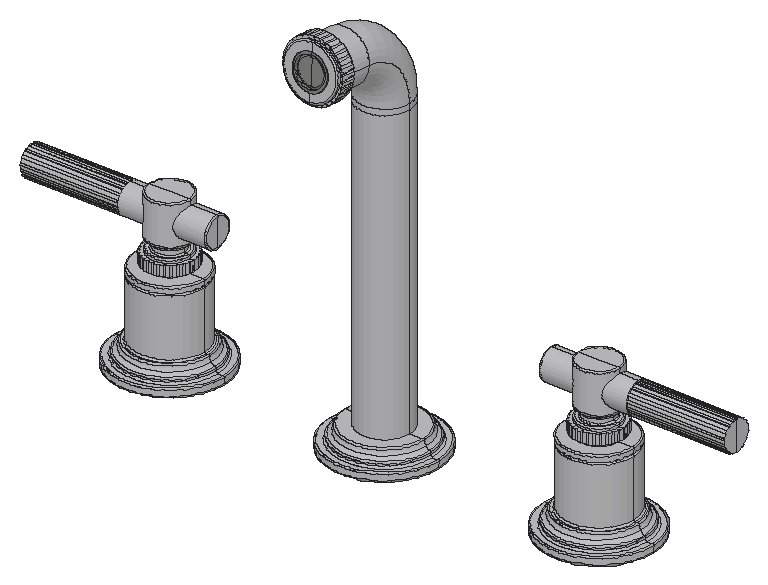
Revit family "Faucet-Wall_Mount-Lavatory-KALLISTA-Central_Park_West-P21223_1", category Plumbing Fixtures, host Face, Revit 2021 (continued)
Definition of nested family "P21223_Spout"
  Lines and regions (in)
    symbolic lines, detail levels medium+fine
      curve 80: spline (-0.38013, -1.62794, 0) -> (-0.37754, -1.62829, 0) -> (-0.37601, -1.62868, 0) -> (-0.37563, -1.6291, 0) -> (-0.37642, -1.62951, 0) -> (-0.37834, -1.62989, 0) -> (-0.38126, -1.63021, 0) -> (-0.38502, -1.63047, 0) -> (-0.38938, -1.63064, 0) -> (-0.39408, -1.63071, 0) -> (-0.39883, -1.63067, 0) -> (-0.40334, -1.63054, 0) -> (-0.40733, -1.63031, 0)
      curve 81: spline (-0.38013, -1.62794, 0) -> (-0.37587, -1.6276, 0) -> (-0.37156, -1.62726, 0) -> (-0.36722, -1.62693, 0) -> (-0.36284, -1.62659, 0) -> (-0.35842, -1.62627, 0) -> (-0.35396, -1.62594, 0) -> (-0.34946, -1.62562, 0) -> (-0.34492, -1.62531, 0) -> (-0.34035, -1.625, 0) -> (-0.33574, -1.62469, 0) -> (-0.33109, -1.62439, 0) -> (-0.32641, -1.62409, 0)
      curve 82: spline (-0.29389, -1.62219, 0) -> (-0.29271, -1.62257, 0) -> (-0.29255, -1.62296, 0) -> (-0.2934, -1.62335, 0) -> (-0.29522, -1.62371, 0) -> (-0.29793, -1.62403, 0) -> (-0.30137, -1.62428, 0) -> (-0.30538, -1.62446, 0) -> (-0.30976, -1.62456, 0) -> (-0.31428, -1.62457, 0) -> (-0.3187, -1.62449, 0) -> (-0.32282, -1.62433, 0) -> (-0.32641, -1.62409, 0)
      curve 83: spline (-0.29389, -1.62219, 0) -> (-0.28882, -1.62192, 0) -> (-0.28372, -1.62165, 0) -> (-0.27858, -1.62139, 0) -> (-0.27341, -1.62113, 0) -> (-0.26822, -1.62088, 0) -> (-0.26299, -1.62064, 0) -> (-0.25773, -1.62039, 0) -> (-0.25244, -1.62016, 0) -> (-0.24713, -1.61992, 0) -> (-0.24178, -1.6197, 0) -> (-0.23641, -1.61947, 0) -> (-0.23101, -1.61926, 0)
      curve 84: spline (-0.19673, -1.61801, 0) -> (-0.19591, -1.61841, 0) -> (-0.19621, -1.6188, 0) -> (-0.19763, -1.61919, 0) -> (-0.20006, -1.61952, 0) -> (-0.20337, -1.6198, 0) -> (-0.20736, -1.62, 0) -> (-0.21178, -1.62011, 0) -> (-0.21636, -1.62011, 0) -> (-0.22084, -1.62003, 0) -> (-0.22493, -1.61985, 0) -> (-0.22839, -1.61958, 0) -> (-0.23101, -1.61926, 0)
      curve 85: spline (-0.19673, -1.61801, 0) -> (-0.19108, -1.61783, 0) -> (-0.18542, -1.61765, 0) -> (-0.17973, -1.61748, 0) -> (-0.17402, -1.61731, 0) -> (-0.16829, -1.61715, 0) -> (-0.16254, -1.617, 0) -> (-0.15677, -1.61685, 0) -> (-0.15099, -1.6167, 0) -> (-0.14519, -1.61656, 0) -> (-0.13936, -1.61643, 0) -> (-0.13353, -1.6163, 0) -> (-0.12768, -1.61618, 0)
      curve 86: spline (-0.09181, -1.61555, 0) -> (-0.08589, -1.61547, 0) -> (-0.07996, -1.61539, 0) -> (-0.07402, -1.61532, 0) -> (-0.06807, -1.61525, 0) -> (-0.06211, -1.61519, 0) -> (-0.05615, -1.61513, 0) -> (-0.05018, -1.61508, 0) -> (-0.0442, -1.61504, 0) -> (-0.03822, -1.615, 0) -> (-0.03224, -1.61497, 0) -> (-0.02625, -1.61494, 0) -> (-0.02025, -1.61492, 0)
      curve 87: spline (0, -1.61935, 0) -> (0.0665, -1.61973, 0) -> (0.13184, -1.62087, 0) -> (0.1949, -1.62275, 0) -> (0.25457, -1.62534, 0) -> (0.30983, -1.62858, 0) -> (0.35971, -1.63244, 0) -> (0.40336, -1.63683, 0) -> (0.44, -1.64168, 0) -> (0.46901, -1.64691, 0) -> (0.48988, -1.65242, 0) -> (0.50225, -1.65813, 0) -> (0.50591, -1.66393, 0)
      curve 88: spline (0, -1.75167, 0) -> (-0.0857, -1.75051, 0) -> (-0.1634, -1.74716, 0) -> (-0.22586, -1.74191, 0) -> (-0.26725, -1.73527, 0) -> (-0.28371, -1.72785, 0) -> (-0.27369, -1.72035, 0) -> (-0.23814, -1.71345, 0) -> (-0.18037, -1.70781, 0) -> (-0.10578, -1.70396, 0) -> (-0.02132, -1.70225, 0) -> (0.06514, -1.70284, 0) -> (0.14551, -1.70568, 0)
      curve 89: spline (0.14551, -1.70568, 0) -> (0.19458, -1.7089, 0) -> (0.23452, -1.71298, 0) -> (0.26346, -1.7177, 0) -> (0.28006, -1.72286, 0) -> (0.28352, -1.72821, 0) -> (0.27369, -1.7335, 0) -> (0.25103, -1.73848, 0) -> (0.2166, -1.74292, 0) -> (0.17201, -1.74661, 0) -> (0.11936, -1.74937, 0) -> (0.06111, -1.75109, 0) -> (0, -1.75167, 0)
      curve 90: arc (-0.21944, -1.71122, 0) -> (-0.00007, -1.72239, 0) -> (0.21929, -1.71121, 0) r 2.15895
      curve 91: spline (-0.09181, -1.61555, 0) -> (-0.09146, -1.61597, 0) -> (-0.09236, -1.61638, 0) -> (-0.09446, -1.61675, 0) -> (-0.0976, -1.61707, 0) -> (-0.10158, -1.6173, 0) -> (-0.10612, -1.61744, 0) -> (-0.1109, -1.61746, 0) -> (-0.1156, -1.61738, 0) -> (-0.1199, -1.6172, 0) -> (-0.1235, -1.61692, 0) -> (-0.12615, -1.61657, 0) -> (-0.12768, -1.61618, 0)
      curve 92: line (-0.52146, -1.64634, 0) -> (-0.52146, -1.39269, 0)
      curve 93: line (-0.50591, -1.68329, 0) -> (-0.50591, -1.66296, 0)
      curve 94: spline (-0.50591, -1.66296, 0) -> (-0.50092, -1.65725, 0) -> (-0.48748, -1.65164, 0) -> (-0.46581, -1.64623, 0) -> (-0.43629, -1.64112, 0) -> (-0.3994, -1.63638, 0) -> (-0.35578, -1.63209, 0) -> (-0.30615, -1.62834, 0) -> (-0.25136, -1.62518, 0) -> (-0.19233, -1.62266, 0) -> (-0.13005, -1.62083, 0) -> (-0.06558, -1.61972, 0) -> (0, -1.61935, 0)
      curve 95: line (0.50591, -1.68329, 0) -> (0.50591, -1.66393, 0)
      curve 96: spline (0, -1.75587, 0) -> (-0.08596, -1.75488, 0) -> (-0.16605, -1.75199, 0) -> (-0.23484, -1.74739, 0) -> (-0.28762, -1.7414, 0) -> (-0.32079, -1.73441, 0) -> (-0.33211, -1.72692, 0) -> (-0.32079, -1.71943, 0) -> (-0.28762, -1.71245, 0) -> (-0.23484, -1.70646, 0) -> (-0.16605, -1.70186, 0) -> (-0.08596, -1.69896, 0) -> (0, -1.69798, 0)
      curve 97: spline (0, -1.75535, 0) -> (0.08441, -1.75438, 0) -> (0.16307, -1.75154, 0) -> (0.23061, -1.74702, 0) -> (0.28244, -1.74114, 0) -> (0.31502, -1.73428, 0) -> (0.32613, -1.72692, 0) -> (0.31502, -1.71957, 0) -> (0.28244, -1.71271, 0) -> (0.23061, -1.70682, 0) -> (0.16307, -1.70231, 0) -> (0.08441, -1.69947, 0) -> (0, -1.6985, 0)
      curve 98: spline (0.50653, -1.38957, 0) -> (0.50411, -1.38911, 0) -> (0.50163, -1.38866, 0) -> (0.49909, -1.38821, 0) -> (0.49651, -1.38776, 0) -> (0.49387, -1.38732, 0) -> (0.49117, -1.38687, 0) -> (0.48843, -1.38643, 0) -> (0.48563, -1.38599, 0) -> (0.48278, -1.38556, 0) -> (0.47988, -1.38512, 0) -> (0.47693, -1.38469, 0) -> (0.47393, -1.38426, 0)
      curve 99: spline (0.47393, -1.38426, 0) -> (0.46944, -1.38438, 0) -> (0.46478, -1.3844, 0) -> (0.46019, -1.38433, 0) -> (0.4559, -1.38417, 0) -> (0.45214, -1.38392, 0) -> (0.44912, -1.38361, 0) -> (0.44698, -1.38325, 0) -> (0.44585, -1.38286, 0) -> (0.44579, -1.38245, 0) -> (0.44679, -1.38205, 0) -> (0.4488, -1.38169, 0) -> (0.45173, -1.38137, 0)
      curve 100: spline (0.45173, -1.38137, 0) -> (0.44829, -1.38096, 0) -> (0.4448, -1.38055, 0) -> (0.44127, -1.38015, 0) -> (0.43769, -1.37975, 0) -> (0.43406, -1.37935, 0) -> (0.43038, -1.37896, 0) -> (0.42665, -1.37856, 0) -> (0.42288, -1.37818, 0) -> (0.41906, -1.37779, 0) -> (0.4152, -1.37741, 0) -> (0.41129, -1.37704, 0) -> (0.40733, -1.37666, 0)
      curve 101: spline (0.40733, -1.37666, 0) -> (0.40334, -1.37689, 0) -> (0.39883, -1.37702, 0) -> (0.39408, -1.37706, 0) -> (0.38938, -1.37699, 0) -> (0.38502, -1.37682, 0) -> (0.38126, -1.37656, 0) -> (0.37834, -1.37624, 0) -> (0.37642, -1.37586, 0) -> (0.37563, -1.37545, 0) -> (0.37601, -1.37503, 0) -> (0.37754, -1.37464, 0) -> (0.38013, -1.37429, 0)
      curve 102: spline (0.38013, -1.37429, 0) -> (0.37587, -1.37395, 0) -> (0.37156, -1.37361, 0) -> (0.36722, -1.37327, 0) -> (0.36284, -1.37294, 0) -> (0.35842, -1.37262, 0) -> (0.35396, -1.37229, 0) -> (0.34946, -1.37197, 0) -> (0.34492, -1.37166, 0) -> (0.34035, -1.37135, 0) -> (0.33574, -1.37104, 0) -> (0.33109, -1.37074, 0) -> (0.32641, -1.37044, 0)
      curve 103: spline (0.32641, -1.37044, 0) -> (0.32282, -1.37068, 0) -> (0.3187, -1.37084, 0) -> (0.31428, -1.37092, 0) -> (0.30976, -1.37091, 0) -> (0.30538, -1.37081, 0) -> (0.30137, -1.37063, 0) -> (0.29793, -1.37038, 0) -> (0.29522, -1.37006, 0) -> (0.2934, -1.3697, 0) -> (0.29255, -1.36931, 0) -> (0.29271, -1.36892, 0) -> (0.29389, -1.36854, 0)
      curve 104: spline (0.29389, -1.36854, 0) -> (0.28882, -1.36827, 0) -> (0.28372, -1.368, 0) -> (0.27858, -1.36774, 0) -> (0.27341, -1.36748, 0) -> (0.26822, -1.36723, 0) -> (0.26299, -1.36698, 0) -> (0.25773, -1.36674, 0) -> (0.25244, -1.3665, 0) -> (0.24713, -1.36627, 0) -> (0.24178, -1.36604, 0) -> (0.23641, -1.36582, 0) -> (0.23101, -1.3656, 0)
      curve 105: spline (0.23101, -1.3656, 0) -> (0.22839, -1.36593, 0) -> (0.22493, -1.3662, 0) -> (0.22084, -1.36638, 0) -> (0.21636, -1.36646, 0) -> (0.21178, -1.36645, 0) -> (0.20736, -1.36635, 0) -> (0.20337, -1.36615, 0) -> (0.20006, -1.36587, 0) -> (0.19763, -1.36553, 0) -> (0.19621, -1.36515, 0) -> (0.19591, -1.36476, 0) -> (0.19673, -1.36436, 0)
      curve 106: spline (0.19673, -1.36436, 0) -> (0.19108, -1.36418, 0) -> (0.18542, -1.364, 0) -> (0.17973, -1.36383, 0) -> (0.17402, -1.36366, 0) -> (0.16829, -1.3635, 0) -> (0.16254, -1.36335, 0) -> (0.15677, -1.3632, 0) -> (0.15099, -1.36305, 0) -> (0.14519, -1.36291, 0) -> (0.13936, -1.36278, 0) -> (0.13353, -1.36265, 0) -> (0.12768, -1.36253, 0)
      curve 107: spline (0.12768, -1.36253, 0) -> (0.12615, -1.36292, 0) -> (0.1235, -1.36327, 0) -> (0.1199, -1.36355, 0) -> (0.1156, -1.36373, 0) -> (0.1109, -1.36381, 0) -> (0.10612, -1.36379, 0) -> (0.10158, -1.36365, 0) -> (0.0976, -1.36342, 0) -> (0.09446, -1.3631, 0) -> (0.09236, -1.36273, 0) -> (0.09146, -1.36231, 0) -> (0.09181, -1.3619, 0)
      curve 108: spline (0.09181, -1.3619, 0) -> (0.08589, -1.36181, 0) -> (0.07996, -1.36174, 0) -> (0.07402, -1.36166, 0) -> (0.06807, -1.3616, 0) -> (0.06211, -1.36154, 0) -> (0.05615, -1.36148, 0) -> (0.05018, -1.36143, 0) -> (0.0442, -1.36139, 0) -> (0.03822, -1.36135, 0) -> (0.03224, -1.36132, 0) -> (0.02625, -1.36129, 0) -> (0.02025, -1.36127, 0)
      curve 109: line (0.40733, -1.63031, 0) -> (0.40733, -1.37666, 0)
      curve 110: line (0.32641, -1.62409, 0) -> (0.32641, -1.37044, 0)
      curve 111: line (0.23101, -1.61926, 0) -> (0.23101, -1.3656, 0)
      curve 112: line (0.12768, -1.61618, 0) -> (0.12768, -1.36253, 0)
      curve 113: line (0.09181, -1.3619, 0) -> (0.09181, -1.61555, 0)
      curve 114: line (0.02025, -1.61492, 0) -> (0.02025, -1.36127, 0)
      curve 115: line (0.19673, -1.36436, 0) -> (0.19673, -1.61801, 0)
      curve 116: line (0.29389, -1.36854, 0) -> (0.29389, -1.62219, 0)
      curve 117: line (0.38013, -1.37429, 0) -> (0.38013, -1.62794, 0)
      curve 118: line (0.45173, -1.38137, 0) -> (0.45173, -1.63502, 0)
      curve 119: line (0.50653, -1.38957, 0) -> (0.50653, -1.64322, 0)
      curve 120: spline (0.50653, -1.64322, 0) -> (0.50411, -1.64277, 0) -> (0.50163, -1.64231, 0) -> (0.49909, -1.64186, 0) -> (0.49651, -1.64141, 0) -> (0.49387, -1.64097, 0) -> (0.49117, -1.64052, 0) -> (0.48843, -1.64008, 0) -> (0.48563, -1.63964, 0) -> (0.48278, -1.63921, 0) -> (0.47988, -1.63877, 0) -> (0.47693, -1.63834, 0) -> (0.47393, -1.63791, 0)
      curve 121: spline (0.45173, -1.63502, 0) -> (0.4488, -1.63534, 0) -> (0.44679, -1.6357, 0) -> (0.44579, -1.6361, 0) -> (0.44585, -1.63651, 0) -> (0.44698, -1.6369, 0) -> (0.44912, -1.63727, 0) -> (0.45214, -1.63758, 0) -> (0.4559, -1.63782, 0) -> (0.46019, -1.63798, 0) -> (0.46478, -1.63805, 0) -> (0.46944, -1.63803, 0) -> (0.47393, -1.63791, 0)
      curve 122: spline (0.45173, -1.63502, 0) -> (0.44829, -1.63461, 0) -> (0.4448, -1.6342, 0) -> (0.44127, -1.6338, 0) -> (0.43769, -1.6334, 0) -> (0.43406, -1.633, 0) -> (0.43038, -1.63261, 0) -> (0.42665, -1.63222, 0) -> (0.42288, -1.63183, 0) -> (0.41906, -1.63144, 0) -> (0.4152, -1.63106, 0) -> (0.41129, -1.63069, 0) -> (0.40733, -1.63031, 0)
      curve 123: spline (0.38013, -1.62794, 0) -> (0.37754, -1.62829, 0) -> (0.37601, -1.62868, 0) -> (0.37563, -1.6291, 0) -> (0.37642, -1.62951, 0) -> (0.37834, -1.62989, 0) -> (0.38126, -1.63021, 0) -> (0.38502, -1.63047, 0) -> (0.38938, -1.63064, 0) -> (0.39408, -1.63071, 0) -> (0.39883, -1.63067, 0) -> (0.40334, -1.63054, 0) -> (0.40733, -1.63031, 0)
      curve 124: spline (0.38013, -1.62794, 0) -> (0.37587, -1.6276, 0) -> (0.37156, -1.62726, 0) -> (0.36722, -1.62693, 0) -> (0.36284, -1.62659, 0) -> (0.35842, -1.62627, 0) -> (0.35396, -1.62594, 0) -> (0.34946, -1.62562, 0) -> (0.34492, -1.62531, 0) -> (0.34035, -1.625, 0) -> (0.33574, -1.62469, 0) -> (0.33109, -1.62439, 0) -> (0.32641, -1.62409, 0)
      curve 125: spline (0.29389, -1.62219, 0) -> (0.29271, -1.62257, 0) -> (0.29255, -1.62296, 0) -> (0.2934, -1.62335, 0) -> (0.29522, -1.62371, 0) -> (0.29793, -1.62403, 0) -> (0.30137, -1.62428, 0) -> (0.30538, -1.62446, 0) -> (0.30976, -1.62456, 0) -> (0.31428, -1.62457, 0) -> (0.3187, -1.62449, 0) -> (0.32282, -1.62433, 0) -> (0.32641, -1.62409, 0)
      curve 126: spline (0.29389, -1.62219, 0) -> (0.28882, -1.62192, 0) -> (0.28372, -1.62165, 0) -> (0.27858, -1.62139, 0) -> (0.27341, -1.62113, 0) -> (0.26822, -1.62088, 0) -> (0.26299, -1.62064, 0) -> (0.25773, -1.62039, 0) -> (0.25244, -1.62016, 0) -> (0.24713, -1.61992, 0) -> (0.24178, -1.6197, 0) -> (0.23641, -1.61947, 0) -> (0.23101, -1.61926, 0)
      curve 127: spline (0.19673, -1.61801, 0) -> (0.19591, -1.61841, 0) -> (0.19621, -1.6188, 0) -> (0.19763, -1.61919, 0) -> (0.20006, -1.61952, 0) -> (0.20337, -1.6198, 0) -> (0.20736, -1.62, 0) -> (0.21178, -1.62011, 0) -> (0.21636, -1.62011, 0) -> (0.22084, -1.62003, 0) -> (0.22493, -1.61985, 0) -> (0.22839, -1.61958, 0) -> (0.23101, -1.61926, 0)
      curve 128: spline (0.19673, -1.61801, 0) -> (0.19108, -1.61783, 0) -> (0.18542, -1.61765, 0) -> (0.17973, -1.61748, 0) -> (0.17402, -1.61731, 0) -> (0.16829, -1.61715, 0) -> (0.16254, -1.617, 0) -> (0.15677, -1.61685, 0) -> (0.15099, -1.6167, 0) -> (0.14519, -1.61656, 0) -> (0.13936, -1.61643, 0) -> (0.13353, -1.6163, 0) -> (0.12768, -1.61618, 0)
      curve 129: spline (0.09181, -1.61555, 0) -> (0.08589, -1.61547, 0) -> (0.07996, -1.61539, 0) -> (0.07402, -1.61532, 0) -> (0.06807, -1.61525, 0) -> (0.06211, -1.61519, 0) -> (0.05615, -1.61513, 0) -> (0.05018, -1.61508, 0) -> (0.0442, -1.61504, 0) -> (0.03822, -1.615, 0) -> (0.03224, -1.61497, 0) -> (0.02625, -1.61494, 0) -> (0.02025, -1.61492, 0)
      curve 130: spline (0.09181, -1.61555, 0) -> (0.09146, -1.61597, 0) -> (0.09236, -1.61638, 0) -> (0.09446, -1.61675, 0) -> (0.0976, -1.61707, 0) -> (0.10158, -1.6173, 0) -> (0.10612, -1.61744, 0) -> (0.1109, -1.61746, 0) -> (0.1156, -1.61738, 0) -> (0.1199, -1.6172, 0) -> (0.1235, -1.61692, 0) -> (0.12615, -1.61657, 0) -> (0.12768, -1.61618, 0)
      curve 131: line (0.5212, -1.39263, 0) -> (0.5212, -1.64628, 0)
      curve 132: line (0.54191, -1.65216, 0) -> (0.54191, -1.39851, 0)
      curve 133: line (0.54977, -1.40191, 0) -> (0.54977, -1.66202, 0)
      curve 134: line (0.54191, -1.65216, 0) -> (0.54191, -1.40191, 0)
      curve 135: spline (0.5212, -1.64628, 0) -> (0.52325, -1.64677, 0) -> (0.52525, -1.64725, 0) -> (0.52718, -1.64773, 0) -> (0.52905, -1.64822, 0) -> (0.53087, -1.64871, 0) -> (0.53263, -1.6492, 0) -> (0.53432, -1.64969, 0) -> (0.53596, -1.65018, 0) -> (0.53754, -1.65067, 0) -> (0.53906, -1.65117, 0) -> (0.54052, -1.65167, 0) -> (0.54191, -1.65216, 0)
      curve 136: spline (0.5212, -1.64628, 0) -> (0.5163, -1.6464, 0) -> (0.51121, -1.64641, 0) -> (0.50628, -1.6463, 0) -> (0.50186, -1.64608, 0) -> (0.49824, -1.64576, 0) -> (0.49568, -1.64538, 0) -> (0.49435, -1.64495, 0) -> (0.49434, -1.64451, 0) -> (0.49566, -1.64408, 0) -> (0.49821, -1.6437, 0) -> (0.50181, -1.64338, 0) -> (0.50623, -1.64316, 0)
      curve 137: spline (0.54977, -1.65556, 0) -> (0.54455, -1.6556, 0) -> (0.53941, -1.65552, 0) -> (0.53469, -1.65532, 0) -> (0.53073, -1.65502, 0) -> (0.5278, -1.65464, 0) -> (0.5261, -1.65421, 0) -> (0.52575, -1.65376, 0) -> (0.52678, -1.65331, 0) -> (0.5291, -1.6529, 0) -> (0.53257, -1.65256, 0) -> (0.53694, -1.65231, 0) -> (0.54191, -1.65216, 0)
      curve 138: spline (0.55675, -1.66528, 0) -> (0.55129, -1.66522, 0) -> (0.54621, -1.66504, 0) -> (0.54184, -1.66474, 0) -> (0.53849, -1.66436, 0) -> (0.53639, -1.66392, 0) -> (0.53567, -1.66344, 0) -> (0.53639, -1.66297, 0) -> (0.53849, -1.66253, 0) -> (0.54184, -1.66214, 0) -> (0.54621, -1.66185, 0) -> (0.55129, -1.66167, 0) -> (0.55675, -1.66161, 0)
      curve 139: arc (0.47307, -1.33737, 0) -> (0.37596, -1.32062, 0) -> (0.27769, -1.31338, 0) r 1.01322
      curve 140: arc (0.27769, -1.31338, 0) -> (0.13893, -1.30635, 0) -> (0, -1.30647, 0) r 2.70313
      curve 141: arc (-0.02025, -1.36127, 0) -> (0, -1.3629, 0) -> (0.02025, -1.36127, 0) r 0.1264
      curve 142: arc (-0.02025, -1.61492, 0) -> (0, -1.61687, 0) -> (0.02025, -1.61492, 0) r 0.10596
      curve 143: arc (-0.50591, -1.71713, 0) -> (-0.25372, -1.68869, 0) -> (0, -1.68329, 0) r 2.78901
      curve 144: arc (0.50591, -1.71713, 0) -> (0.25372, -1.68869, 0) -> (0, -1.68329, 0) r 2.78901
      curve 145: line (0.47307, 0, 0.40031) -> (-0.47307, 0, 0.40031)
      curve 146: line (-0.84256, 0, 0.23746) -> (0.84256, 0, 0.23746)
      curve 147: line (0.86065, 0, 0.18064) -> (-0.86065, 0, 0.18064)
      curve 148: line (-0.89337, 0, 0.14792) -> (0.89337, 0, 0.14792)
      curve 149: line (1.02362, 0, 0.12729) -> (-1.02362, 0, 0.12729)
      curve 150: line (-1.02362, 0, 0.02127) -> (1.02362, 0, 0.02127)
      curve 151: line (0.73897, 0, 0.38137) -> (-0.73897, 0, 0.38137)
      curve 152: spline (0.47307, 0, 6.99046) -> (0.46902, 0, 7.05197) -> (0.45695, 0, 7.11243) -> (0.43706, 0, 7.1708) -> (0.40969, 0, 7.22609) -> (0.37531, 0, 7.27735) -> (0.33451, 0, 7.3237) -> (0.28799, 0, 7.36434) -> (0.23654, 0, 7.39859) -> (0.18104, 0, 7.42585) -> (0.12244, 0, 7.44567) -> (0.06175, 0, 7.4577) -> (0, 0, 7.46173)
      curve 153: spline (0, 0, 7.46173) -> (-0.06175, 0, 7.4577) -> (-0.12244, 0, 7.44567) -> (-0.18104, 0, 7.42585) -> (-0.23654, 0, 7.39859) -> (-0.28799, 0, 7.36434) -> (-0.33451, 0, 7.3237) -> (-0.37531, 0, 7.27735) -> (-0.40969, 0, 7.22609) -> (-0.43706, 0, 7.1708) -> (-0.45695, 0, 7.11243) -> (-0.46902, 0, 7.05197) -> (-0.47307, 0, 6.99046)
      curve 154: spline (0, 0, 7.49989) -> (0.08116, 0, 7.49336) -> (0.16021, 0, 7.47395) -> (0.23512, 0, 7.44216) -> (0.30393, 0, 7.39881) -> (0.36488, 0, 7.34503) -> (0.41637, 0, 7.2822) -> (0.45708, 0, 7.21196) -> (0.48596, 0, 7.13612) -> (0.50225, 0, 7.05665) -> (0.50553, 0, 6.97561) -> (0.49572, 0, 6.89509) -> (0.47307, 0, 6.81718)
      curve 155: line (0.47307, 0, 6.72487) -> (0.47307, 0, 6.99046)
      curve 156: line (-0.47307, 0, 6.72487) -> (-0.47307, 0, 6.99046)
      curve 157: spline (-0.47307, 0, 6.81718) -> (-0.49572, 0, 6.89509) -> (-0.50553, 0, 6.97561) -> (-0.50225, 0, 7.05665) -> (-0.48596, 0, 7.13612) -> (-0.45708, 0, 7.21196) -> (-0.41637, 0, 7.2822) -> (-0.36488, 0, 7.34503) -> (-0.30393, 0, 7.39881) -> (-0.23512, 0, 7.44216) -> (-0.16021, 0, 7.47395) -> (-0.08116, 0, 7.49336) -> (0, 0, 7.49989)
      curve 158: line (0.47307, 0, 5.93747) -> (-0.47307, 0, 5.93747)
  Dimensions and locks (in)
    plane 5 to plane 4 = 2.04724"
    plane 9 to level = 7.02362"
    plane 1 "Center (Front/Back)" to plane 10 = 1.7253"
    aligned and locked: plane 2 to level
Definition of nested family "P21223_Handle"
  Parameters
    Material = none
    Default Elevation = 0"
  Reference planes (in)
    plane 1 "Center (Front/Back)": y = 0
    plane 2: z = 0
    plane 3 "Center (Left/Right)": x = 0
    plane 4: y = 1.02362
    plane 5: y = -1.02362
    plane 6: y = 0.47258
    plane 7: y = -0.47258
    plane 8: x = -2.56105
    plane 9: z = 2.78231
    plane 10: z = 2.50228
    plane 11: z = 2.22224
    plane 12: x = -1.02362
    plane 13: x = 1.02362
    plane 14: z = 2.87691
  Forms (in)
    Revolve 1, solid, material <- "Material", detail levels medium+fine
      sketch origin (4, 0, 0) x (1, 0, 0) y (0, 0, 1)
        loop
          line (-4, 0) -> (-4, 2.87691) -> (-4.36842, 2.87691)
          arc (-4.36842, 2.87691) -> (-4.38234, 2.87114) -> (-4.38811, 2.85722) r 0.01969
          line (-4.38811, 2.85722) -> (-4.38811, 2.15127)
          arc (-4.38811, 2.15127) -> (-4.38234, 2.13735) -> (-4.36842, 2.13159) r 0.01969
          line (-4.36842, 2.13159) -> (-4.33673, 2.13159) -> (-4.33673, 2.09258)
          arc (-4.33673, 2.09258) -> (-4.33096, 2.07866) -> (-4.31704, 2.0729) r 0.01969
          line (-4.31704, 2.0729) -> (-4.27906, 2.0729) -> (-4.27906, 1.96456)
          arc (-4.27906, 1.96456) -> (-4.28482, 1.95064) -> (-4.29874, 1.94487) r 0.01969
          line (-4.29874, 1.94487) -> (-4.35809, 1.94487)
          arc (-4.35809, 1.94487) -> (-4.372, 1.93911) -> (-4.37776, 1.92521) r 0.01967
          line (-4.37776, 1.92521) -> (-4.37776, 1.88552) -> (-4.46208, 1.88552) -> (-4.46208, 1.7051) -> (-4.39768, 1.7051)
          arc (-4.39768, 1.7051) -> (-4.3836, 1.69927) -> (-4.37776, 1.68518) r 0.01992
          line (-4.37776, 1.68518) -> (-4.37776, 1.645) -> (-4.34638, 1.645) -> (-4.3148, 1.63565) -> (-4.6302, 1.63565)
          arc (-4.6302, 1.63565) -> (-4.64523, 1.62943) -> (-4.65145, 1.61441) r 0.02124
          line (-4.65145, 1.61441) -> (-4.65145, 1.52475)
          arc (-4.65145, 1.52475) -> (-4.63005, 1.50573) -> (-4.64991, 1.48511) r 0.01985
          line (-4.64991, 1.48511) -> (-4.64991, 0.42787)
          arc (-4.64991, 0.42787) -> (-4.65798, 0.40838) -> (-4.67747, 0.40031) r 0.02756
          line (-4.67747, 0.40031) -> (-4.72019, 0.40031)
          arc (-4.72019, 0.40031) -> (-4.73458, 0.39489) -> (-4.74182, 0.38132) r 0.02182
          arc (-4.74182, 0.38132) -> (-4.75237, 0.33678) -> (-4.77174, 0.29532) r 0.22411
          arc (-4.77174, 0.29532) -> (-4.80353, 0.25936) -> (-4.84614, 0.2373) r 0.13075
          arc (-4.84614, 0.2373) -> (-4.85883, 0.22838) -> (-4.8637, 0.21366) r 0.02469
          line (-4.8637, 0.21366) -> (-4.8637, 0.18067)
          arc (-4.8637, 0.18067) -> (-4.87329, 0.15751) -> (-4.89645, 0.14792) r 0.03275
          line (-4.89645, 0.14792) -> (-5.00345, 0.14792)
          arc (-5.00345, 0.14792) -> (-5.01771, 0.14201) -> (-5.02362, 0.12774) r 0.02017
          line (-5.02362, 0.12774) -> (-5.02362, 0.01958)
          arc (-5.02362, 0.01958) -> (-5.01789, 0.00573) -> (-5.00404, 0) r 0.01958
          line (-5.00404, 0) -> (-4, 0)
        axis (-4, 2.87691) -> (-4, 0)
      angle from 0 to 360
    Revolve 2, solid, material <- "Material", detail levels medium+fine
      sketch origin (4, 0, 0) x (1, 0, 0) y (0, 0, 1)
        loop
          line (-6.56102, 2.78231) -> (-6.56102, 2.50228) -> (-3.10466, 2.50228) -> (-3.10466, 2.76263)
          arc (-3.10466, 2.76263) -> (-3.11043, 2.77655) -> (-3.12435, 2.78231) r 0.01969
          line (-3.12435, 2.78231) -> (-6.56102, 2.78231)
        axis (-6.56102, 2.50228) -> (-3.10466, 2.50228)
      angle from 0 to 360
    Extrusion 3, void
      sketch origin (4, 0, 0) x (1, 0, 0) y (0, 1, 0)
        loop
          arc (-4.06817, 0.45702) -> (-4.04646, 0.43979) -> (-4.02883, 0.46118) r 0.01979
          arc (-4.02883, 0.46118) -> (-4.04855, 0.45952) -> (-4.06817, 0.45702) r 0.46208
        loop
          arc (-4.12335, 0.44531) -> (-4.14263, 0.43951) -> (-4.16165, 0.43288) r 0.46208
          arc (-4.16165, 0.43288) -> (-4.13636, 0.42018) -> (-4.12335, 0.44531) r 0.02014
        loop
          arc (-4.21411, 0.40948) -> (-4.23144, 0.39994) -> (-4.24834, 0.38967) r 0.46208
          arc (-4.24834, 0.38967) -> (-4.22189, 0.38344) -> (-4.21411, 0.40948) r 0.01981
        loop
          arc (-4.32375, 0.3297) -> (-4.29628, 0.32907) -> (-4.29404, 0.35645) r 0.02003
          arc (-4.29404, 0.35645) -> (-4.30918, 0.3434) -> (-4.32375, 0.3297) r 0.46208
        loop
          arc (-4.36225, 0.28686) -> (-4.37377, 0.27168) -> (-4.38466, 0.25603) r 0.46208
          arc (-4.38466, 0.25603) -> (-4.35831, 0.26044) -> (-4.36225, 0.28686) r 0.01906
        loop
          arc (-4.41383, 0.20558) -> (-4.42219, 0.18782) -> (-4.42978, 0.16972) r 0.46208
          arc (-4.42978, 0.16972) -> (-4.40365, 0.17958) -> (-4.41383, 0.20558) r 0.01963
        loop
          arc (-4.45572, 0.07641) -> (-4.43139, 0.09192) -> (-4.44728, 0.116) r 0.02024
          arc (-4.44728, 0.116) -> (-4.45193, 0.0963) -> (-4.45572, 0.07641) r 0.46208
        loop
          arc (-4.46165, 0.01992) -> (-4.46208, 0) -> (-4.46165, -0.01992) r 0.46208
          arc (-4.46165, -0.01992) -> (-4.44173, 0) -> (-4.46165, 0.01992) r 0.01992
        loop
          arc (-4.45562, -0.077) -> (-4.45178, -0.097) -> (-4.44707, -0.11681) r 0.46208
          arc (-4.44707, -0.11681) -> (-4.43168, -0.09268) -> (-4.45562, -0.077) r 0.02036
        loop
          arc (-4.4297, -0.16991) -> (-4.42204, -0.18815) -> (-4.4136, -0.20605) r 0.46208
          arc (-4.4136, -0.20605) -> (-4.40332, -0.17981) -> (-4.4297, -0.16991) r 0.01978
        loop
          arc (-4.38545, -0.25484) -> (-4.37398, -0.2714) -> (-4.36179, -0.28745) r 0.46208
          arc (-4.36179, -0.28745) -> (-4.35743, -0.25939) -> (-4.38545, -0.25484) r 0.02015
        loop
          arc (-4.32367, -0.32978) -> (-4.30899, -0.34357) -> (-4.29373, -0.35671) r 0.46208
          arc (-4.29373, -0.35671) -> (-4.2956, -0.32867) -> (-4.32367, -0.32978) r 0.02014
        loop
          arc (-4.24801, -0.38988) -> (-4.23104, -0.40017) -> (-4.21364, -0.40972) r 0.46208
          arc (-4.21364, -0.40972) -> (-4.22112, -0.38299) -> (-4.24801, -0.38988) r 0.01985
        loop
          arc (-4.16187, -0.4328) -> (-4.14275, -0.43948) -> (-4.12335, -0.44531) r 0.46208
          arc (-4.12335, -0.44531) -> (-4.13639, -0.4199) -> (-4.16187, -0.4328) r 0.02025
        loop
          arc (-4.06697, -0.4572) -> (-4.04786, -0.45959) -> (-4.02867, -0.46119) r 0.46208
          arc (-4.02867, -0.46119) -> (-4.04586, -0.44039) -> (-4.06697, -0.4572) r 0.01926
        loop
          arc (-3.93186, 0.45702) -> (-3.95149, 0.45952) -> (-3.97121, 0.46118) r 0.46208
          arc (-3.97121, 0.46118) -> (-3.95357, 0.43979) -> (-3.93186, 0.45702) r 0.01979
        loop
          arc (-3.87669, 0.44531) -> (-3.86367, 0.42018) -> (-3.83838, 0.43288) r 0.02014
          arc (-3.83838, 0.43288) -> (-3.8574, 0.43951) -> (-3.87669, 0.44531) r 0.46208
        loop
          arc (-3.78592, 0.40948) -> (-3.77814, 0.38344) -> (-3.75169, 0.38967) r 0.01981
          arc (-3.75169, 0.38967) -> (-3.7686, 0.39994) -> (-3.78592, 0.40948) r 0.46208
        loop
          arc (-3.67628, 0.3297) -> (-3.69085, 0.3434) -> (-3.706, 0.35645) r 0.46208
          arc (-3.706, 0.35645) -> (-3.70375, 0.32907) -> (-3.67628, 0.3297) r 0.02003
        loop
          arc (-3.63778, 0.28686) -> (-3.64172, 0.26044) -> (-3.61537, 0.25603) r 0.01906
          arc (-3.61537, 0.25603) -> (-3.62626, 0.27168) -> (-3.63778, 0.28686) r 0.46208
        loop
          arc (-3.58621, 0.20558) -> (-3.59638, 0.17958) -> (-3.57025, 0.16972) r 0.01963
          arc (-3.57025, 0.16972) -> (-3.57785, 0.18782) -> (-3.58621, 0.20558) r 0.46208
        loop
          arc (-3.54432, 0.07641) -> (-3.5481, 0.0963) -> (-3.55275, 0.116) r 0.46208
          arc (-3.55275, 0.116) -> (-3.56865, 0.09192) -> (-3.54432, 0.07641) r 0.02024
        loop
          arc (-3.53838, 0.01992) -> (-3.5583, 0) -> (-3.53838, -0.01992) r 0.01992
          arc (-3.53838, -0.01992) -> (-3.53795, 0) -> (-3.53838, 0.01992) r 0.46208
        loop
          arc (-3.54441, -0.077) -> (-3.56836, -0.09268) -> (-3.55296, -0.11681) r 0.02036
          arc (-3.55296, -0.11681) -> (-3.54825, -0.097) -> (-3.54441, -0.077) r 0.46208
        loop
          arc (-3.57033, -0.16991) -> (-3.59672, -0.17981) -> (-3.58644, -0.20605) r 0.01978
          arc (-3.58644, -0.20605) -> (-3.578, -0.18815) -> (-3.57033, -0.16991) r 0.46208
        loop
          arc (-3.61458, -0.25484) -> (-3.6426, -0.25939) -> (-3.63824, -0.28745) r 0.02015
          arc (-3.63824, -0.28745) -> (-3.62606, -0.2714) -> (-3.61458, -0.25484) r 0.46208
        loop
          arc (-3.67636, -0.32978) -> (-3.70444, -0.32867) -> (-3.7063, -0.35671) r 0.02014
          arc (-3.7063, -0.35671) -> (-3.69104, -0.34357) -> (-3.67636, -0.32978) r 0.46208
        loop
          arc (-3.75202, -0.38988) -> (-3.77891, -0.38299) -> (-3.78639, -0.40972) r 0.01985
          arc (-3.78639, -0.40972) -> (-3.76899, -0.40017) -> (-3.75202, -0.38988) r 0.46208
        loop
          arc (-3.83816, -0.4328) -> (-3.86365, -0.4199) -> (-3.87668, -0.44531) r 0.02025
          arc (-3.87668, -0.44531) -> (-3.85729, -0.43948) -> (-3.83816, -0.4328) r 0.46208
        loop
          arc (-3.93306, -0.4572) -> (-3.95417, -0.44039) -> (-3.97137, -0.46119) r 0.01926
          arc (-3.97137, -0.46119) -> (-3.95217, -0.45959) -> (-3.93306, -0.4572) r 0.46208
      from 1.7051 to 1.88552
    Revolve 4, solid, material <- "Material", detail levels coarse
      sketch origin (0, 0, 0) x (1, 0, 0) y (0, 0, 1)
        loop
          line (0, 0) -> (0, 2.87691) -> (-0.38887, 2.87691) -> (-0.38887, 2.13159) -> (-0.33673, 2.13159) -> (-0.33673, 2.0729) -> (-0.27893, 2.0729) -> (-0.27893, 1.94498) -> (-0.37777, 1.94498) -> (-0.37777, 1.88552) -> (-0.46208, 1.88552) -> (-0.46208, 1.7051) -> (-0.37776, 1.7051) -> (-0.37776, 1.63565) -> (-0.64992, 1.63565) -> (-0.64992, 0.40031) -> (-0.73537, 0.40031) -> (-0.86065, 0.22739) -> (-0.86065, 0.14792) -> (-1.02362, 0.14792) -> (-1.02362, 0) -> (0, 0)
        axis (0, 2.87691) -> (0, 0)
      angle from 0 to 360
    Extrusion 5, solid, material <- "Material", detail levels medium+fine
      sketch origin (0, 0, 0) x (1, 0, 0) y (0, 1, 0)
        loop
          circle (0, 0) r 0.03656
      from 0 to 0.04411
    Extrusion 6, void
      sketch origin (0, 0, 0) x (0, 1, 0) y (0, 0, 1)
        loop
          arc (-0.03661, 2.76605) -> (-0.00092, 2.76855) -> (0.03479, 2.76629) r 0.26926
          line (0.03479, 2.76629) -> (0.03479, 2.80211) -> (-0.03661, 2.80211) -> (-0.03661, 2.76605)
        loop
          arc (-0.26325, 2.46567) -> (-0.26535, 2.50138) -> (-0.26269, 2.53707) r 0.26926
          line (-0.26269, 2.53707) -> (-0.29983, 2.53707) -> (-0.29983, 2.46567) -> (-0.26325, 2.46567)
        loop
          arc (0.03661, 2.24033) -> (0.00092, 2.23783) -> (-0.03479, 2.24009) r 0.26926
          line (-0.03479, 2.24009) -> (-0.03479, 2.20245) -> (0.03661, 2.20245) -> (0.03661, 2.24033)
        loop
          arc (0.26298, 2.53889) -> (0.26536, 2.50319) -> (0.26298, 2.46749) r 0.26926
          line (0.26298, 2.46749) -> (0.29983, 2.46749) -> (0.29983, 2.53889) -> (0.26298, 2.53889)
        loop
          arc (0.16103, 2.71509) -> (0.18823, 2.69183) -> (0.2121, 2.66517) r 0.26926
          line (0.2121, 2.66517) -> (0.23661, 2.68969) -> (0.18612, 2.74018) -> (0.16103, 2.71509)
        loop
          line (-0.16103, 2.71509) -> (-0.18612, 2.74018) -> (-0.23661, 2.68969) -> (-0.21209, 2.66517)
          arc (-0.21209, 2.66517) -> (-0.18822, 2.69183) -> (-0.16103, 2.71509) r 0.26926
        loop
          line (0.15999, 2.29051) -> (0.18612, 2.26438) -> (0.23661, 2.31487) -> (0.21129, 2.34018)
          arc (0.21129, 2.34018) -> (0.18729, 2.31364) -> (0.15999, 2.29051) r 0.26926
        loop
          arc (-0.15999, 2.29052) -> (-0.18729, 2.31364) -> (-0.21129, 2.34019) r 0.26926
          line (-0.21129, 2.34019) -> (-0.23661, 2.31487) -> (-0.18612, 2.26438) -> (-0.15999, 2.29052)
        loop
          arc (-0.13461, 2.73249) -> (-0.1025, 2.74827) -> (-0.06858, 2.75967) r 0.26926
          line (-0.06858, 2.75967) -> (-0.08225, 2.79266) -> (-0.14821, 2.76534) -> (-0.13461, 2.73249)
        loop
          arc (-0.25952, 2.57106) -> (-0.24771, 2.60483) -> (-0.23153, 2.63674) r 0.26926
          line (-0.23153, 2.63674) -> (-0.26285, 2.64972) -> (-0.29017, 2.58375) -> (-0.25952, 2.57106)
        loop
          line (-0.13461, 2.27389) -> (-0.14821, 2.24104) -> (-0.08225, 2.21371) -> (-0.06858, 2.24671)
          arc (-0.06858, 2.24671) -> (-0.1025, 2.2581) -> (-0.13461, 2.27389) r 0.26926
        loop
          line (-0.25694, 2.43639) -> (-0.29017, 2.42263) -> (-0.26285, 2.35666) -> (-0.23021, 2.37018)
          arc (-0.23021, 2.37018) -> (-0.24578, 2.4024) -> (-0.25694, 2.43639) r 0.26926
        loop
          arc (0.13461, 2.27389) -> (0.1025, 2.2581) -> (0.06859, 2.24671) r 0.26926
          line (0.06859, 2.24671) -> (0.08226, 2.21371) -> (0.14822, 2.24104) -> (0.13461, 2.27389)
        loop
          arc (0.25694, 2.43639) -> (0.24578, 2.4024) -> (0.23022, 2.37018) r 0.26926
          line (0.23022, 2.37018) -> (0.26285, 2.35666) -> (0.29018, 2.42263) -> (0.25694, 2.43639)
        loop
          line (0.13461, 2.73249) -> (0.14822, 2.76534) -> (0.08226, 2.79266) -> (0.06859, 2.75967)
          arc (0.06859, 2.75967) -> (0.1025, 2.74827) -> (0.13461, 2.73249) r 0.26926
        loop
          line (0.25694, 2.56999) -> (0.29018, 2.58375) -> (0.26285, 2.64972) -> (0.23022, 2.6362)
          arc (0.23022, 2.6362) -> (0.24578, 2.60398) -> (0.25694, 2.56999) r 0.26926
      from -2.60742 to -0.73841
    Revolve 7, solid, material <- "Material", detail levels coarse
      sketch origin (0, 0, 0) x (1, 0, 0) y (0, 0, 1)
        loop
          line (-2.56105, 2.50228) -> (0.89533, 2.50228) -> (0.89533, 2.78231) -> (-2.56105, 2.78231) -> (-2.56105, 2.50228)
        axis (0.89533, 2.50228) -> (-2.56105, 2.50228)
      angle from 0 to 360
  Cuts and joins
    Extrusion 3 cuts Revolve 1
    Extrusion 6 cuts Revolve 2
    joined: Revolve 1, Revolve 2
    Extrusion 6 cuts Revolve 4
    joined: Revolve 4, Revolve 7
  Lines and regions (in)
    Masking region 1
      outline origin (3.99997, 0, 0) x (1, 0, 0) y (0, 1, 0)
        loop
          line (-6.56102, 0.26019) -> (-6.56102, -0.26037)
          arc (-6.56102, -0.26037) -> (-6.55526, -0.27429) -> (-6.54134, -0.28005) r 0.01969
          line (-6.54134, -0.28005) -> (-4.98457, -0.28005)
          arc (-4.98457, -0.28005) -> (-2.97638, 0) -> (-4.98457, 0.28005) r 1.02362
          line (-4.98457, 0.28005) -> (-6.54116, 0.28005)
          arc (-6.54116, 0.28005) -> (-6.55521, 0.27423) -> (-6.56102, 0.26019) r 0.01986
    Masking region 2
      outline origin (0, 0, 0) x (0, 1, 0) y (0, 0, 1)
        loop
          arc (1.00235, 0) -> (1.01739, 0.00623) -> (1.02362, 0.02127) r 0.02127
          line (1.02362, 0.02127) -> (1.02362, 0.12729)
          arc (1.02362, 0.12729) -> (1.01758, 0.14187) -> (1.00299, 0.14792) r 0.02063
          line (1.00299, 0.14792) -> (0.89337, 0.14792)
          arc (0.89337, 0.14792) -> (0.87023, 0.1575) -> (0.86065, 0.18064) r 0.03272
          line (0.86065, 0.18064) -> (0.86065, 0.21162)
          arc (0.86065, 0.21162) -> (0.85568, 0.22739) -> (0.84256, 0.23746) r 0.0275
          arc (0.84256, 0.23746) -> (0.79338, 0.26463) -> (0.76122, 0.3107) r 0.12413
          arc (0.76122, 0.3107) -> (0.74744, 0.3452) -> (0.73897, 0.38137) r 0.24799
          arc (0.73897, 0.38137) -> (0.7314, 0.39493) -> (0.71684, 0.40031) r 0.02239
          line (0.71684, 0.40031) -> (0.67741, 0.40031)
          arc (0.67741, 0.40031) -> (0.65797, 0.40836) -> (0.64992, 0.42779) r 0.02749
          line (0.64992, 0.42779) -> (0.64992, 1.48511)
          arc (0.64992, 1.48511) -> (0.63018, 1.50572) -> (0.65145, 1.52475) r 0.01985
          line (0.65145, 1.52475) -> (0.65145, 1.61551)
          arc (0.65145, 1.61551) -> (0.64555, 1.62975) -> (0.63131, 1.63565) r 0.02014
          line (0.63131, 1.63565) -> (0.31481, 1.63565) -> (0.34539, 1.645) -> (0.37776, 1.645) -> (0.37776, 1.68487)
          arc (0.37776, 1.68487) -> (0.38369, 1.69918) -> (0.398, 1.7051) r 0.02024
          line (0.398, 1.7051) -> (0.46208, 1.7051) -> (0.46208, 1.88552) -> (0.37777, 1.88552) -> (0.37777, 1.92531)
          arc (0.37777, 1.92531) -> (0.37201, 1.93922) -> (0.3581, 1.94498) r 0.01966
          line (0.3581, 1.94498) -> (0.29884, 1.94498)
          arc (0.29884, 1.94498) -> (0.28476, 1.95081) -> (0.27893, 1.96488) r 0.0199
          line (0.27893, 1.96488) -> (0.27893, 2.0729) -> (0.3171, 2.0729)
          arc (0.3171, 2.0729) -> (0.33098, 2.07864) -> (0.33673, 2.09252) r 0.01962
          line (0.33673, 2.09252) -> (0.33673, 2.13159) -> (0.36797, 2.13159)
          arc (0.36797, 2.13159) -> (0.38275, 2.13771) -> (0.38887, 2.15248) r 0.0209
          line (0.38887, 2.15248) -> (0.38887, 2.85676)
          arc (0.38887, 2.85676) -> (0.38297, 2.87101) -> (0.36873, 2.87691) r 0.02014
          line (0.36873, 2.87691) -> (-0.36873, 2.87691)
          arc (-0.36873, 2.87691) -> (-0.38297, 2.87101) -> (-0.38887, 2.85676) r 0.02014
          line (-0.38887, 2.85676) -> (-0.38887, 2.15248)
          arc (-0.38887, 2.15248) -> (-0.38275, 2.13771) -> (-0.36797, 2.13159) r 0.0209
          line (-0.36797, 2.13159) -> (-0.33673, 2.13159) -> (-0.33673, 2.09252)
          arc (-0.33673, 2.09252) -> (-0.33098, 2.07864) -> (-0.3171, 2.0729) r 0.01962
          line (-0.3171, 2.0729) -> (-0.27893, 2.0729) -> (-0.27893, 1.96488)
          arc (-0.27893, 1.96488) -> (-0.28476, 1.95081) -> (-0.29884, 1.94498) r 0.0199
          line (-0.29884, 1.94498) -> (-0.3581, 1.94498)
          arc (-0.3581, 1.94498) -> (-0.37201, 1.93922) -> (-0.37777, 1.92531) r 0.01966
          line (-0.37777, 1.92531) -> (-0.37777, 1.88552) -> (-0.46208, 1.88552) -> (-0.46208, 1.7051) -> (-0.398, 1.7051)
          arc (-0.398, 1.7051) -> (-0.38369, 1.69918) -> (-0.37776, 1.68487) r 0.02024
          line (-0.37776, 1.68487) -> (-0.37776, 1.645) -> (-0.34539, 1.645) -> (-0.31481, 1.63565) -> (-0.63131, 1.63565)
          arc (-0.63131, 1.63565) -> (-0.64555, 1.62975) -> (-0.65145, 1.61551) r 0.02014
          line (-0.65145, 1.61551) -> (-0.65145, 1.52475)
          arc (-0.65145, 1.52475) -> (-0.63018, 1.50572) -> (-0.64992, 1.48511) r 0.01985
          line (-0.64992, 1.48511) -> (-0.64992, 0.42779)
          arc (-0.64992, 0.42779) -> (-0.65797, 0.40836) -> (-0.67741, 0.40031) r 0.02749
          line (-0.67741, 0.40031) -> (-0.71684, 0.40031)
          arc (-0.71684, 0.40031) -> (-0.7314, 0.39493) -> (-0.73897, 0.38137) r 0.02239
          arc (-0.73897, 0.38137) -> (-0.74744, 0.3452) -> (-0.76122, 0.3107) r 0.24799
          arc (-0.76122, 0.3107) -> (-0.79338, 0.26463) -> (-0.84256, 0.23746) r 0.12413
          arc (-0.84256, 0.23746) -> (-0.85568, 0.22739) -> (-0.86065, 0.21162) r 0.0275
          line (-0.86065, 0.21162) -> (-0.86065, 0.18064)
          arc (-0.86065, 0.18064) -> (-0.87023, 0.1575) -> (-0.89337, 0.14792) r 0.03272
          line (-0.89337, 0.14792) -> (-1.00299, 0.14792)
          arc (-1.00299, 0.14792) -> (-1.01758, 0.14187) -> (-1.02362, 0.12729) r 0.02063
          line (-1.02362, 0.12729) -> (-1.02362, 0.02127)
          arc (-1.02362, 0.02127) -> (-1.01739, 0.00623) -> (-1.00235, 0) r 0.02127
          line (-1.00235, 0) -> (1.00235, 0)
    Masking region 3
      outline origin (4, 0, 0) x (-1, 0, 0) y (0, 0, -1)
        loop
          arc (2.99765, 0) -> (2.98261, -0.00623) -> (2.97638, -0.02127) r 0.02127
          line (2.97638, -0.02127) -> (2.97638, -0.12729)
          arc (2.97638, -0.12729) -> (2.98242, -0.14187) -> (2.99701, -0.14792) r 0.02063
          line (2.99701, -0.14792) -> (3.10663, -0.14792)
          arc (3.10663, -0.14792) -> (3.12977, -0.1575) -> (3.13935, -0.18064) r 0.03272
          line (3.13935, -0.18064) -> (3.13935, -0.21162)
          arc (3.13935, -0.21162) -> (3.14432, -0.22739) -> (3.15744, -0.23746) r 0.0275
          arc (3.15744, -0.23746) -> (3.20662, -0.26463) -> (3.23878, -0.3107) r 0.12413
          arc (3.23878, -0.3107) -> (3.25256, -0.3452) -> (3.26103, -0.38137) r 0.24799
          arc (3.26103, -0.38137) -> (3.2686, -0.39493) -> (3.28316, -0.40031) r 0.02239
          line (3.28316, -0.40031) -> (3.32259, -0.40031)
          arc (3.32259, -0.40031) -> (3.34203, -0.40836) -> (3.35008, -0.42779) r 0.02749
          line (3.35008, -0.42779) -> (3.35008, -1.48511)
          arc (3.35008, -1.48511) -> (3.36982, -1.50572) -> (3.34855, -1.52475) r 0.01985
          line (3.34855, -1.52475) -> (3.34855, -1.61551)
          arc (3.34855, -1.61551) -> (3.35445, -1.62975) -> (3.36869, -1.63565) r 0.02014
          line (3.36869, -1.63565) -> (3.68519, -1.63565) -> (3.65461, -1.645) -> (3.62224, -1.645) -> (3.62224, -1.68487)
          arc (3.62224, -1.68487) -> (3.61631, -1.69918) -> (3.602, -1.7051) r 0.02024
          line (3.602, -1.7051) -> (3.53792, -1.7051) -> (3.53792, -1.88552) -> (3.62223, -1.88552) -> (3.62223, -1.92531)
          arc (3.62223, -1.92531) -> (3.62799, -1.93922) -> (3.6419, -1.94498) r 0.01966
          line (3.6419, -1.94498) -> (3.70116, -1.94498)
          arc (3.70116, -1.94498) -> (3.71524, -1.95081) -> (3.72107, -1.96488) r 0.0199
          line (3.72107, -1.96488) -> (3.72107, -2.0729) -> (3.6829, -2.0729)
          arc (3.6829, -2.0729) -> (3.66902, -2.07864) -> (3.66327, -2.09252) r 0.01962
          line (3.66327, -2.09252) -> (3.66327, -2.13159) -> (3.63203, -2.13159)
          arc (3.63203, -2.13159) -> (3.61725, -2.13771) -> (3.61113, -2.15248) r 0.0209
          line (3.61113, -2.15248) -> (3.61113, -2.22224) -> (3.12436, -2.22224)
          arc (3.12436, -2.22224) -> (3.11044, -2.22801) -> (3.10467, -2.24193) r 0.01969
          line (3.10467, -2.24193) -> (3.10467, -2.76248)
          arc (3.10467, -2.76248) -> (3.11049, -2.77653) -> (3.12454, -2.78235) r 0.01986
          line (3.12454, -2.78235) -> (3.61113, -2.78235) -> (3.61113, -2.85676)
          arc (3.61113, -2.85676) -> (3.61703, -2.87101) -> (3.63127, -2.87691) r 0.02014
          line (3.63127, -2.87691) -> (4.36873, -2.87691)
          arc (4.36873, -2.87691) -> (4.38297, -2.87101) -> (4.38887, -2.85676) r 0.02014
          line (4.38887, -2.85676) -> (4.38887, -2.78235) -> (6.54119, -2.78235)
          arc (6.54119, -2.78235) -> (6.55524, -2.77653) -> (6.56105, -2.76248) r 0.01986
          line (6.56105, -2.76248) -> (6.56105, -2.24193)
          arc (6.56105, -2.24193) -> (6.55529, -2.22801) -> (6.54137, -2.22224) r 0.01969
          line (6.54137, -2.22224) -> (4.38887, -2.22224) -> (4.38887, -2.15248)
          arc (4.38887, -2.15248) -> (4.38275, -2.13771) -> (4.36797, -2.13159) r 0.0209
          line (4.36797, -2.13159) -> (4.33673, -2.13159) -> (4.33673, -2.09252)
          arc (4.33673, -2.09252) -> (4.33098, -2.07864) -> (4.3171, -2.0729) r 0.01962
          line (4.3171, -2.0729) -> (4.27893, -2.0729) -> (4.27893, -1.96488)
          arc (4.27893, -1.96488) -> (4.28476, -1.95081) -> (4.29884, -1.94498) r 0.0199
          line (4.29884, -1.94498) -> (4.3581, -1.94498)
          arc (4.3581, -1.94498) -> (4.37201, -1.93922) -> (4.37777, -1.92531) r 0.01966
          line (4.37777, -1.92531) -> (4.37777, -1.88552) -> (4.46208, -1.88552) -> (4.46208, -1.7051) -> (4.398, -1.7051)
          arc (4.398, -1.7051) -> (4.38369, -1.69918) -> (4.37776, -1.68487) r 0.02024
          line (4.37776, -1.68487) -> (4.37776, -1.645) -> (4.34539, -1.645) -> (4.31481, -1.63565) -> (4.63131, -1.63565)
          arc (4.63131, -1.63565) -> (4.64555, -1.62975) -> (4.65145, -1.61551) r 0.02014
          line (4.65145, -1.61551) -> (4.65145, -1.52475)
          arc (4.65145, -1.52475) -> (4.63018, -1.50572) -> (4.64992, -1.48511) r 0.01985
          line (4.64992, -1.48511) -> (4.64992, -0.42779)
          arc (4.64992, -0.42779) -> (4.65797, -0.40836) -> (4.67741, -0.40031) r 0.02749
          line (4.67741, -0.40031) -> (4.71684, -0.40031)
          arc (4.71684, -0.40031) -> (4.7314, -0.39493) -> (4.73897, -0.38137) r 0.02239
          arc (4.73897, -0.38137) -> (4.74744, -0.3452) -> (4.76122, -0.3107) r 0.24799
          arc (4.76122, -0.3107) -> (4.79338, -0.26463) -> (4.84256, -0.23746) r 0.12413
          arc (4.84256, -0.23746) -> (4.85568, -0.22739) -> (4.86065, -0.21162) r 0.0275
          line (4.86065, -0.21162) -> (4.86065, -0.18064)
          arc (4.86065, -0.18064) -> (4.87023, -0.1575) -> (4.89337, -0.14792) r 0.03272
          line (4.89337, -0.14792) -> (5.00299, -0.14792)
          arc (5.00299, -0.14792) -> (5.01758, -0.14187) -> (5.02362, -0.12729) r 0.02063
          line (5.02362, -0.12729) -> (5.02362, -0.02127)
          arc (5.02362, -0.02127) -> (5.01739, -0.00623) -> (5.00235, 0) r 0.02127
          line (5.00235, 0) -> (2.99765, 0)
    symbolic lines, detail levels medium+fine
      curve 1: line (0, -0.65145, 1.52475) -> (0, 0.65145, 1.52475)
      curve 2: line (0, 0.64992, 1.48511) -> (0, -0.64991, 1.48511)
      curve 3: line (0, -0.3148, 1.63565) -> (0, 0.31481, 1.63565)
      curve 4: line (0, 0.34638, 1.645) -> (0, -0.34638, 1.645)
      curve 5: line (0, -0.4328, 1.7051) -> (0, 0.40972, 1.7051)
      curve 6: line (0, -0.38033, 1.88552) -> (0, 0.38033, 1.88552)
      curve 7: line (0, 0.29884, 1.94498) -> (0, -0.29884, 1.94498)
      curve 8: line (0, -0.27906, 2.0729) -> (0, 0.27906, 2.0729)
      curve 9: line (0, -0.33673, 2.13159) -> (0, 0.33673, 2.13159)
      curve 10: line (0, -0.38887, 2.85676) -> (0, 0.38887, 2.85676)
      curve 11: line (0, -0.38887, 2.15248) -> (0, 0.38887, 2.15248)
      curve 12: circle (0, 0, 2.50228) r 0.28003 normal (-1, 0, 0)
      curve 13: line (0, -0.46119, 1.88552) -> (0, -0.46119, 1.7051)
      curve 14: line (0, -0.44532, 1.88552) -> (0, -0.44532, 1.7051)
      curve 15: line (0, -0.38033, 1.88552) -> (0, -0.38033, 1.7051)
      curve 16: line (0, -0.01992, 1.7051) -> (0, -0.01992, 1.88552)
      curve 17: line (0, 0.01992, 1.88552) -> (0, 0.01992, 1.7051)
      curve 18: line (0, -0.077, 1.88552) -> (0, -0.077, 1.7051)
      curve 19: line (0, -0.11681, 1.7051) -> (0, -0.11681, 1.88552)
      curve 20: line (0, -0.16991, 1.88552) -> (0, -0.16991, 1.7051)
      curve 21: line (0, -0.20605, 1.7051) -> (0, -0.20605, 1.88552)
      curve 22: line (0, -0.25484, 1.88552) -> (0, -0.25484, 1.7051)
      curve 23: line (0, -0.28745, 1.7051) -> (0, -0.28745, 1.88552)
      curve 24: line (0, -0.32978, 1.88552) -> (0, -0.32978, 1.7051)
      curve 25: line (0, -0.4572, 1.88552) -> (0, -0.4572, 1.7051)
      curve 26: line (0, -0.44531, 1.7051) -> (0, -0.44531, 1.88552)
      curve 27: line (0, -0.4328, 1.88552) -> (0, -0.4328, 1.7051)
      curve 28: line (0, -0.40972, 1.7051) -> (0, -0.40972, 1.88552)
      curve 29: line (0, -0.33673, 2.09252) -> (0, 0.33673, 2.09252)
      curve 30: line (0, -0.27893, 1.96488) -> (0, 0.27893, 1.96488)
      curve 31: line (0, -0.37777, 1.92531) -> (0, 0.37777, 1.92531)
      curve 32: line (0, -0.65145, 1.61551) -> (0, 0.65145, 1.61551)
      curve 33: line (0, -0.67741, 0.40031) -> (0, 0.67741, 0.40031)
      curve 34: line (0, -0.84256, 0.23746) -> (0, 0.84256, 0.23746)
      curve 35: line (0, -0.89337, 0.14792) -> (0, 0.89337, 0.14792)
      curve 36: line (0, -0.73897, 0.38137) -> (0, 0.73897, 0.38137)
      curve 37: line (0, -1.02362, 0.12729) -> (0, 1.02362, 0.12729)
      curve 38: line (0, -1.02362, 0.02127) -> (0, 1.02362, 0.02127)
      curve 39: line (0, 0.46119, 1.88552) -> (0, 0.46119, 1.7051)
      curve 40: line (0, 0.44532, 1.88552) -> (0, 0.44532, 1.7051)
      curve 41: line (0, 0.38033, 1.88552) -> (0, 0.38033, 1.7051)
      curve 42: line (0, 0.077, 1.88552) -> (0, 0.077, 1.7051)
      curve 43: line (0, 0.11681, 1.7051) -> (0, 0.11681, 1.88552)
      curve 44: line (0, 0.16991, 1.88552) -> (0, 0.16991, 1.7051)
      curve 45: line (0, 0.20605, 1.7051) -> (0, 0.20605, 1.88552)
      curve 46: line (0, 0.25484, 1.88552) -> (0, 0.25484, 1.7051)
      curve 47: line (0, 0.28745, 1.7051) -> (0, 0.28745, 1.88552)
      curve 48: line (0, 0.32978, 1.88552) -> (0, 0.32978, 1.7051)
      curve 49: line (0, 0.4572, 1.88552) -> (0, 0.4572, 1.7051)
      curve 50: line (0, 0.44531, 1.7051) -> (0, 0.44531, 1.88552)
      curve 51: line (0, 0.4328, 1.88552) -> (0, 0.4328, 1.7051)
      curve 52: line (0, 0.40972, 1.7051) -> (0, 0.40972, 1.88552)
      curve 53: line (-0.89337, 0, 0.14792) -> (0.89337, 0, 0.14792)
      curve 54: line (-0.67741, 0, 0.40031) -> (0.71684, 0, 0.40031)
      curve 55: line (-0.64992, 0, 0.42779) -> (0.64992, 0, 0.42779)
      curve 56: line (-0.84256, 0, 0.23746) -> (0.84256, 0, 0.23746)
      curve 57: line (-0.73897, 0, 0.38137) -> (0.73897, 0, 0.38137)
      curve 58: line (-0.65145, 0, 1.52475) -> (0.65145, 0, 1.52475)
      curve 59: line (0.64992, 0, 1.48511) -> (-0.64992, 0, 1.48511)
      curve 60: line (0.31481, 0, 1.63565) -> (-0.31481, 0, 1.63565)
      curve 61: line (-0.38465, 0, 1.7051) -> (0.41382, 0, 1.7051)
      curve 62: line (-0.37776, 0, 1.68487) -> (0.37776, 0, 1.68487)
      curve 63: line (-0.34539, 0, 1.645) -> (0.34638, 0, 1.645)
      curve 64: line (-0.36224, 0, 1.88552) -> (0.38465, 0, 1.88552)
      curve 65: line (0.29884, 0, 1.94498) -> (-0.29884, 0, 1.94498)
      curve 66: line (-0.27893, 0, 2.0729) -> (0.27906, 0, 2.0729)
      curve 67: line (-0.27893, 0, 1.96488) -> (0.27893, 0, 1.96488)
      curve 68: line (-0.33673, 0, 2.13159) -> (0.33673, 0, 2.13159)
      curve 69: arc (-0.38936, 0, 2.78185) -> (-0.27288, 0, 2.50229) -> (-0.38936, 0, 2.22274) r 0.3937
      curve 70: arc (0.38936, 0, 2.78185) -> (0.27288, 0, 2.50229) -> (0.38936, 0, 2.22274) r 0.3937
      curve 71: line (-0.38887, 0, 2.15248) -> (0.38887, 0, 2.15248)
      curve 72: line (-0.38887, 0, 2.85676) -> (0.38887, 0, 2.85676)
      curve 73: line (-0.33673, 0, 2.09252) -> (0.33673, 0, 2.09252)
      curve 74: line (-0.37777, 0, 1.92531) -> (0.37777, 0, 1.92531)
      curve 75: line (-0.65145, 0, 1.61551) -> (0.65145, 0, 1.61551)
      curve 76: line (-1.02362, 0, 0.12729) -> (1.02362, 0, 0.12729)
      curve 77: line (1.02362, 0, 0.02127) -> (-1.02362, 0, 0.02127)
      curve 78: circle (0, 0, 0) r 0.38811 normal (0, 0, 1)
      curve 79: line (-0.98457, 0.28005, 0) -> (-0.26869, 0.28005, 0)
      curve 80: line (-0.98457, -0.28005, 0) -> (-0.26869, -0.28005, 0)
      curve 81: arc (-0.58818, 0.28005, 0) -> (0, 0.65145, 0) -> (0.58818, 0.28005, 0) r 0.65145
      curve 82: arc (0.81715, 0.28005, 0) -> (0, 0.86381, 0) -> (-0.81715, 0.28005, 0) r 0.86381
      curve 83: line (0.89534, -0.2613, 0) -> (0.89534, 0.2613, 0)
      curve 84: line (0.87659, 0.28005, 0) -> (0.2687, 0.28005, 0)
      curve 85: arc (0.89534, 0.2613, 0) -> (0.88985, 0.27456, 0) -> (0.87659, 0.28005, 0) r 0.01875
      curve 86: line (0.87659, -0.28005, 0) -> (0.2687, -0.28005, 0)
      curve 87: arc (0.89534, -0.2613, 0) -> (0.88985, -0.27456, 0) -> (0.87659, -0.28005, 0) r 0.01875
      curve 88: arc (-0.81715, -0.28005, 0) -> (0, -0.86381, 0) -> (0.81715, -0.28005, 0) r 0.86381
      curve 89: arc (-0.66713, -0.28005, 0) -> (0, -0.72353, 0) -> (0.66713, -0.28005, 0) r 0.72353
      curve 90: arc (0.66713, 0.28005, 0) -> (0, 0.72353, 0) -> (-0.66713, 0.28005, 0) r 0.72353
      curve 91: arc (-0.36225, 0.28686, 0) -> (-0.34367, 0.30888, 0) -> (-0.32375, 0.3297, 0) r 0.46208
      curve 92: arc (-0.16165, 0.43288, 0) -> (-0.13636, 0.42018, 0) -> (-0.12335, 0.44531, 0) r 0.02014
      curve 93: arc (-0.06817, 0.45702, 0) -> (-0.04646, 0.43979, 0) -> (-0.02883, 0.46118, 0) r 0.01979
      curve 94: arc (0.02879, 0.46118, 0) -> (0.04643, 0.43979, 0) -> (0.06814, 0.45703, 0) r 0.01979
      curve 95: arc (-0.24834, 0.38967, 0) -> (-0.22189, 0.38344, 0) -> (-0.21411, 0.40948, 0) r 0.01981
      curve 96: arc (-0.32375, 0.3297, 0) -> (-0.29628, 0.32907, 0) -> (-0.29404, 0.35645, 0) r 0.02003
      curve 97: arc (0.29402, 0.35647, 0) -> (0.29625, 0.32907, 0) -> (0.32373, 0.32972, 0) r 0.02003
      curve 98: arc (0.21408, 0.40949, 0) -> (0.22186, 0.38344, 0) -> (0.24832, 0.38969, 0) r 0.01981
      curve 99: arc (0.12332, 0.44532, 0) -> (0.13633, 0.42018, 0) -> (0.16162, 0.43289, 0) r 0.02014
      curve 100: arc (-0.35662, 0.28005, 0) -> (-0.35904, 0.28379, 0) -> (-0.36225, 0.28686, 0) r 0.01906
      curve 101: arc (-0.29404, 0.35645, 0) -> (-0.2717, 0.37376, 0) -> (-0.24834, 0.38967, 0) r 0.46208
      curve 102: arc (-0.21411, 0.40948, 0) -> (-0.18824, 0.422, 0) -> (-0.16165, 0.43288, 0) r 0.46208
      curve 103: arc (-0.12335, 0.44531, 0) -> (-0.09594, 0.45201, 0) -> (-0.06817, 0.45702, 0) r 0.46208
      curve 104: arc (-0.02883, 0.46118, 0) -> (-0.00493, 0.46205, 0) -> (0.01899, 0.46169, 0) r 0.46208
      curve 105: arc (0.36225, 0.28686, 0) -> (0.34366, 0.30889, 0) -> (0.32373, 0.32972, 0) r 0.46208
